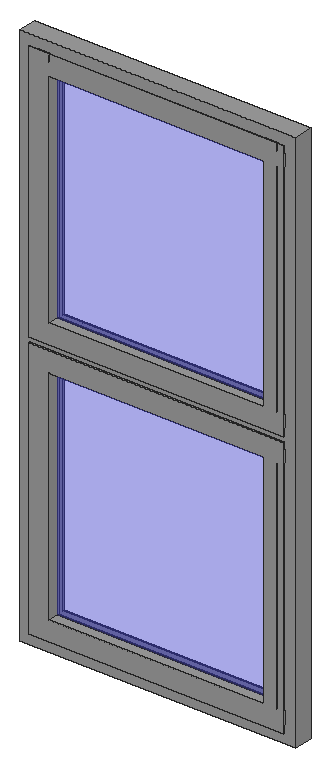
Revit family "12PL IP006_v02", category Windows, host Wall, Revit 2015
Parameters
  Wall Thickness [instance] = 0' - 6"
  URL = "obe.com"
  Transom Height = 3' - 0"
  Rough Width = Width + 0' 0 1/2"  # 3' - 0 1/2"
  Rough Height = Height + 0' 0 1/2"  # 6' - 0 1/2"
  Offset Limitation [instance] = if((Offset + 0' 2 1/2") > Wall Thickness, (Wall Thickness - 0' 2 1/2"), Offset)  # 0' - 0"
  Offset [instance] = 0' - 0"
  Model = "12PL IP006"
  Manufacturer = "Oldcastle BuildingEnvelope®"
  Keynote = "08 51 00"
  Height = Operable Height + Transom Height  # 6' - 0"
  Operable Height = 3' - 0"
  Glass Material = Glass
  Frame Material = Aluminum
  Description = "SIGNATURE SERIES 12PL"
  Default Sill Height = 3' - 0"
  Wall Closure = By host
  Width = 3' - 0"
  Construction Type = ""
  Assembly Code = "B2020"
Reference planes (in)
  plane 1 "Center (Front/Back)": y = 0
  plane 2: z = 0
  plane 3 "Center (Left/Right)": x = 0
  plane 4 "Left": x = -18.25
  plane 5 "Right": x = 18.25
  plane 6 "Sill": z = 36
  plane 7 "Top": z = 108.5
  plane 8 "Offset": y = 3
  plane 9: x = 18
  plane 10: z = 108.25
  plane 11: x = -18
  plane 12: z = 36.25
  plane 13 "Center": z = 72.25
  plane 14: z = 104.9995
  plane 15: z = 74.688
  plane 16: z = 69.812
  plane 17: z = 39.5005
  plane 18 "INT": y = 1.53125
Forms (in)
  Sweep 1, solid, material "Aluminum" <- "Frame Material"
    path origin (0, 3, 0) x (1, 0, 0) y (0, 0, 1)
      loop
        line (-18, 107.125) -> (-18, 73.6875)
    profile origin (-18, 3, 90.40625) x (0, -1, 0) y (1, 0, 0)
      loop
        line (2.75, 1.125) -> (2.75, 3.751) -> (1.46875, 3.751) -> (1.46875, 3.2505) -> (0.46875, 3.2505) -> (0.46875, 3.7505) -> (0.1875, 3.7505) -> (0.1875, 2.063) -> (2.65625, 2.063) -> (2.65625, 1.125) -> (2.75, 1.125)
  Sweep 2, solid, material "Aluminum" <- "Frame Material"
    path origin (0, 3, 0) x (-1, 0, 0) y (0, 0, 1)
      loop
        line (-18, 107.125) -> (-18, 73.6875)
    profile origin (18, 3, 90.40625) x (0, -1, 0) y (1, 0, 0)
      loop
        line (2.75, -1.125) -> (2.65625, -1.125) -> (2.65625, -2.063) -> (0.1875, -2.063) -> (0.1875, -3.7505) -> (0.46875, -3.7505) -> (0.46875, -3.2505) -> (1.46875, -3.2505) -> (1.46875, -3.751) -> (2.75, -3.751) -> (2.75, -1.125)
  Sweep 3, solid, material "Aluminum" <- "Frame Material"
    path origin (0, 3, 0) x (1, 0, 0) y (0, 0, 1)
      loop
        line (-16.875, 36.25) -> (16.875, 36.25)
    profile origin (0, 3, 36.25) x (0, 0, 1) y (0, -1, 0)
      loop
        line (2.063, 0.1875) -> (3.7505, 0.1875) -> (3.7505, 0.46875) -> (3.2505, 0.46875) -> (3.2505, 1.46875) -> (3.7505, 1.46875) -> (3.7505, 2.75) -> (1.125, 2.75) -> (1.125, 2.65625) -> (2.063, 2.65625) -> (2.063, 0.1875)
  Sweep 4, solid, material "Aluminum" <- "Frame Material"
    path origin (0, 3, 132.5) x (1, 0, 0) y (0, 0, -1)
      loop
        line (-16.875, 24.25) -> (16.875, 24.25)
    profile origin (0, 3, 108.25) x (0, 0, 1) y (0, -1, 0)
      loop
        line (-2.063, 0.1875) -> (-2.063, 2.65625) -> (-1.125, 2.65625) -> (-1.125, 2.75) -> (-3.7505, 2.75) -> (-3.7505, 1.46875) -> (-3.2505, 1.46875) -> (-3.2505, 0.46875) -> (-3.7505, 0.46875) -> (-3.7505, 0.1875) -> (-2.063, 0.1875)
  Extrusion 5, solid, material "Glass" <- "Glass Material", detail levels coarse
    sketch origin (0, 0, 36) x (0, -1, 0) y (1, 0, 0)
      loop
        line (-2.53125, -14.7495) -> (-1.53125, -14.7495) -> (-1.53125, 14.7495) -> (-2.53125, 14.7495) -> (-2.53125, -14.7495)
    from 3.5005 to 33.812
  Extrusion 6, solid, material "Glass" <- "Glass Material", detail levels coarse
    sketch origin (0, 0, 75) x (0, -1, 0) y (1, 0, 0)
      loop
        line (-2.53125, -14.7495) -> (-1.53125, -14.7495) -> (-1.53125, 14.7495) -> (-2.53125, 14.7495) -> (-2.53125, -14.7495)
    from -0.312 to 29.9995
  Sweep 7, solid, material "Aluminum" <- "Frame Material"
    path origin (0, 3, 0) x (1, 0, 0) y (0, 0, 1)
      loop
        line (16.875, 72.25) -> (-16.875, 72.25)
    profile origin (0, 3, 72.25) x (0, 0, -1) y (0, -1, 0)
      loop
        line (-2.9385, 2.75) -> (-2.9385, 1.46875) -> (-2.438, 1.46875) -> (-2.438, 0.46875) -> (-2.938, 0.46875) -> (-2.938, 0.1875) -> (-1.2505, 0.1875) -> (-1.2505, 2.65625) -> (-0.3125, 2.65625) -> (-0.3125, 2.75) -> (-2.9385, 2.75)
  Extrusion 8, solid, material "Glass" <- "Glass Material", detail levels medium+fine
    sketch origin (0, 0, 36) x (0, -1, 0) y (1, 0, 0)
      loop
        line (-2.53125, -14.7495) -> (-2.29395, -14.7495) -> (-2.29395, 14.7495) -> (-2.53125, 14.7495) -> (-2.53125, -14.7495)
      loop
        line (-1.78125, 14.7495) -> (-1.78125, -14.7495) -> (-1.53125, -14.7495) -> (-1.53125, 14.7495) -> (-1.78125, 14.7495)
    from 3.5005 to 33.812
  Extrusion 9, solid, material "Glass" <- "Glass Material", detail levels medium+fine
    sketch origin (0, 0, 36) x (0, -1, 0) y (1, 0, 0)
      loop
        line (-2.53125, -14.7495) -> (-2.29395, -14.7495) -> (-2.29395, 14.7495) -> (-2.53125, 14.7495) -> (-2.53125, -14.7495)
      loop
        line (-1.78125, 14.7495) -> (-1.78125, -14.7495) -> (-1.53125, -14.7495) -> (-1.53125, 14.7495) -> (-1.78125, 14.7495)
    from 38.688 to 68.9995
  Sweep 10, solid, material "Aluminum" <- "Frame Material"
    path origin (0, 3, 0) x (1, 0, 0) y (0, 0, 1)
      loop
        line (18.25, 108.5) -> (-18.25, 108.5)
    profile origin (0, 3, 108.5) x (0, 0, -1) y (0, -1, 0)
      loop
        line (0, 2.5) -> (0, 0) -> (2.5, 0) -> (2.5, 0.09375) -> (1.625, 0.09375) -> (1.625, 2.5) -> (0, 2.5)
  Sweep 11, solid, material "Aluminum" <- "Frame Material"
    path origin (0, 3, 0) x (1, 0, 0) y (0, 0, 1)
      loop
        line (18.25, 72.25) -> (-18.25, 72.25)
    profile origin (0, 3, 72.25) x (0, 0, -1) y (0, -1, 0)
      loop
        line (-1.4375, 0.09375) -> (-1.4375, 0) -> (1.4375, 0) -> (1.4375, 0.09375) -> (0.5625, 0.09375) -> (0.5625, 2.5) -> (-0.5625, 2.5) -> (-0.5625, 0.09375) -> (-1.4375, 0.09375)
  Sweep 12, solid, material "Aluminum" <- "Frame Material"
    path origin (0, 3, 0) x (1, 0, 0) y (0, 0, 1)
      loop
        line (16.875, 72.25) -> (-16.875, 72.25)
    profile origin (0, 3, 72.25) x (0, 0, -1) y (0, -1, 0)
      loop
        line (1.2505, 0.1875) -> (2.938, 0.1875) -> (2.938, 0.46875) -> (2.438, 0.46875) -> (2.438, 1.46875) -> (2.9385, 1.46875) -> (2.9385, 2.75) -> (0.3125, 2.75) -> (0.3125, 2.65625) -> (1.2505, 2.65625) -> (1.2505, 0.1875)
  Sweep 13, solid, material "Aluminum" <- "Frame Material"
    path origin (0, 3, 0) x (1, 0, 0) y (0, 0, 1)
      loop
        line (-18.25, 36.25) -> (18.25, 36.25)
    profile origin (0, 3, 36.25) x (0, 0, 1) y (0, -1, 0)
      loop
        line (1.375, 2.5) -> (-0.25, 2.5) -> (-0.25, 0) -> (2.25, 0) -> (2.25, 0.09375) -> (1.375, 0.09375) -> (1.375, 2.5)
  Sweep 14, solid, material "Aluminum" <- "Frame Material"
    path origin (0, 3, 0) x (1, 0, 0) y (0, 0, 1)
      loop
        line (-18, 36) -> (-18, 108.5)
    profile origin (-18, 3, 72.25) x (-1, 0, 0) y (0, -1, 0)
      loop
        line (0.25, 2.5) -> (-1.375, 2.5) -> (-1.375, 0.09375) -> (-2.25, 0.09375) -> (-2.25, 0) -> (0.25, 0) -> (0.25, 2.5)
  Sweep 15, solid, material "Aluminum" <- "Frame Material"
    path origin (0, 3, 0) x (1, 0, 0) y (0, 0, 1)
      loop
        line (18, 36) -> (18, 108.5)
    profile origin (18, 3, 72.25) x (-1, 0, 0) y (0, -1, 0)
      loop
        line (2.25, 0) -> (2.25, 0.09375) -> (1.375, 0.09375) -> (1.375, 2.5) -> (-0.25, 2.5) -> (-0.25, 0) -> (2.25, 0)
  Sweep 16, solid, material "Aluminum" <- "Frame Material"
    path origin (0, 3, 0) x (1, 0, 0) y (0, 0, 1)
      loop
        line (18, 70.8125) -> (18, 38.5)
    profile origin (18, 3, 54.65625) x (0, -1, 0) y (1, 0, 0)
      loop
        line (0.1875, -2.063) -> (0.1875, -3.7505) -> (0.46875, -3.7505) -> (0.46875, -3.2505) -> (1.46875, -3.2505) -> (1.46875, -3.751) -> (2.75, -3.751) -> (2.75, -1.125) -> (2.65625, -1.125) -> (2.65625, -2.063) -> (0.1875, -2.063)
  Sweep 17, solid, material "Aluminum" <- "Frame Material"
    path origin (0, 3, 0) x (1, 0, 0) y (0, 0, 1)
      loop
        line (-18, 70.8125) -> (-18, 38.5)
    profile origin (-18, 3, 54.65625) x (0, -1, 0) y (1, 0, 0)
      loop
        line (0.1875, 2.063) -> (2.65625, 2.063) -> (2.65625, 1.125) -> (2.75, 1.125) -> (2.75, 3.751) -> (1.46875, 3.751) -> (1.46875, 3.2505) -> (0.46875, 3.2505) -> (0.46875, 3.7505) -> (0.1875, 3.7505) -> (0.1875, 2.063)
Cuts and joins
  joined: Sweep 10, Sweep 11, Sweep 13, Sweep 14, Sweep 15
  joined: Sweep 1, Sweep 2, Sweep 3, Sweep 4, Sweep 7, Sweep 12, Sweep 16, Sweep 17
Lines and regions (in)
  Opening 1
    outline origin (-60, -3, 0) x (1, 0, 0) y (0, 0, 1)
      loop
        line (41.75, 108.5) -> (41.75, 36) -> (78.25, 36) -> (78.25, 108.5) -> (41.75, 108.5)
  model lines, style "Opening Direction"
    curve 1: line (14.249, 1.53125, 104.4995) -> (0, 1.53125, 75.188)
    curve 2: line (0, 1.53125, 75.188) -> (-14.249, 1.53125, 104.4995)
    curve 3: line (14.2495, 1.53125, 69.312) -> (0, 1.53125, 40.0005)
    curve 4: line (0, 1.53125, 40.0005) -> (-14.249, 1.53125, 69.3125)
Text (in)
  text "EXTERIOR" at (-58.6888, 50.90694, 0), in view "Ref. Level"
  text "INTERIOR" at (-58.6888, -37.76638, 0), in view "Ref. Level"
  text "Exterior" at (0, 43.65631, 123.19604), in view "Left"
  text "Exterior" at (0, 18.29385, 125.04747), in view "Right"
  text "Min Operable Size\n\n14\" width x 18\" height\n\n\n\nMax Operable Size\n\n72\" x 48\"\n\n\n\nMax Operable Area\n\n20 square feet" at (92.63041, 50.90694, 0), in view "Ref. Level"
Dimensions and locks (in)
  equal spacing: plane 4 "Left", plane 3 "Center (Left/Right)", plane 5 "Right"
  "Rough Width": plane 4 "Left" to plane 5 "Right"
  "Default Sill Height": plane 2 to plane 6 "Sill"
  "Offset Limitation": plane 8 "Offset" to host wall
  "Wall Thickness": host wall to host wall
  locked: plane 9 to plane 5 "Right" at 0.25
  locked: plane 6 "Sill" to plane 12 at 0.25
  "Operable Height": plane 12 to plane 13 "Center"
  "Transom Height": plane 13 "Center" to plane 10
  "Rough Height": plane 6 "Sill" to plane 7 "Top"
  "Width": plane 11 to plane 9
  plane 8 "Offset" to Extrusion 5 sketch curve to Extrusion 5 sketch curve = 0' - 0 15/32" locked, 0' - 1" locked
  plane 8 "Offset" to Extrusion 6 sketch curve to Extrusion 6 sketch curve = 0' - 0 15/32" locked, 0' - 1" locked
  locked: plane 14 to plane 10 at 3.2505
  plane 16 to plane 13 "Center" to plane 15 = 0' - 2.438" locked, 0' - 2.438" locked
  locked: plane 12 to plane 17 at 3.2505
  Extrusion 8 sketch curve to Extrusion 8 sketch curve to Extrusion 8 sketch curve to Extrusion 8 sketch curve to plane 8 "Offset" = 0' - 0 1/4" locked, 0' - 0.5127" locked, 0' - 0.2373" locked, 0' - 0 15/32" locked
  Extrusion 9 sketch curve to Extrusion 9 sketch curve to Extrusion 9 sketch curve to Extrusion 9 sketch curve to plane 8 "Offset" = 0' - 0 1/4" locked, 0' - 0.5127" locked, 0' - 0.2373" locked, 0' - 0 15/32" locked
  locked: Sweep 12 sketch curve to plane 9 at 1.125
  locked: plane 11 to Sweep 12 sketch curve at 1.125
  locked: Sweep 7 sketch curve to plane 9 at 1.125
  locked: plane 11 to Sweep 7 sketch curve at 1.125
  locked: Sweep 4 sketch curve to plane 9 at 1.125
  locked: plane 4 "Left" to Sweep 4 sketch curve at 1.375
  locked: Sweep 2 sketch curve to plane 10 at 1.125
  locked: Sweep 1 sketch curve to plane 7 "Top" at 1.375
  locked: Sweep 3 sketch curve to plane 9 at 1.125
  locked: plane 11 to Sweep 3 sketch curve at 1.125
  locked: Sweep 16 sketch curve to plane 13 "Center" at 1.4375
  locked: plane 12 to Sweep 16 sketch curve at 2.25
  locked: plane 13 "Center" to Sweep 2 sketch curve at 1.4375
  locked: Sweep 17 sketch curve to plane 13 "Center" at 1.4375
  locked: plane 12 to Sweep 17 sketch curve at 2.25
  locked: plane 18 "INT" to plane 8 "Offset" at 1.46875
  aligned and locked: plane 7 "Top" to Opening 1 sketch curve
  aligned and locked: plane 6 "Sill" to Opening 1 sketch curve  (x2)
  aligned and locked: plane 5 "Right" to Opening 1 sketch curve
  aligned and locked: plane 4 "Left" to Opening 1 sketch curve
  aligned and locked: level to plane 2
  aligned and locked: plane 11 to Sweep 1 sketch curve
  aligned and locked: Sweep 2 sketch curve to plane 9
  aligned and locked: plane 12 to Sweep 3 sketch curve
  aligned and locked: Sweep 4 sketch curve to plane 10
  aligned and locked: Extrusion 6 to plane 14
  aligned and locked: plane 15 to Extrusion 6
  aligned and locked: Extrusion 5 to plane 16
  aligned and locked: plane 17 to Extrusion 5
  aligned and locked: plane 17 to Extrusion 8
  aligned and locked: Extrusion 8 to plane 16
  aligned and locked: plane 15 to Extrusion 9
  aligned and locked: Extrusion 9 to plane 14
  aligned and locked: plane 7 "Top" to Sweep 10 sketch curve
  aligned and locked: plane 4 "Left" to Sweep 10 sketch curve
  aligned and locked: plane 5 "Right" to Sweep 10 sketch curve
  aligned and locked: plane 13 "Center" to Sweep 11 sketch curve
  aligned and locked: plane 4 "Left" to Sweep 11 sketch curve
  aligned and locked: plane 5 "Right" to Sweep 11 sketch curve
  aligned and locked: plane 13 "Center" to Sweep 12 sketch curve
  aligned and locked: Sweep 13 sketch curve to plane 12
  aligned and locked: plane 5 "Right" to Sweep 13 sketch curve
  aligned and locked: plane 4 "Left" to Sweep 13 sketch curve
  aligned and locked: plane 11 to Sweep 14 sketch curve
  aligned and locked: plane 7 "Top" to Sweep 14 sketch curve
  aligned and locked: plane 6 "Sill" to Sweep 14 sketch curve
  aligned and locked: plane 9 to Sweep 15 sketch curve
  aligned and locked: plane 7 "Top" to Sweep 15 sketch curve
  aligned and locked: plane 6 "Sill" to Sweep 15 sketch curve
  aligned and locked: plane 13 "Center" to Sweep 7 sketch curve
  aligned and locked: Sweep 16 sketch curve to plane 9
  aligned and locked: Sweep 17 sketch curve to plane 11
  aligned and locked: plane 3 "Center (Left/Right)" to curve 4
Automatic sketch dimensions
  plane 8 "Offset" to Sweep 1 sketch curve = 0' - 0 3/16"
  Sweep 1 sketch curve to Sweep 1 sketch curve = 0' - 0 9/32"
  Sweep 1 sketch curve to Sweep 1 sketch curve = 0' - 1"
  Sweep 1 sketch curve to profile plane = 0' - 1 1/8"
  Sweep 1 sketch curve to Sweep 1 sketch curve = 0' - 1 3/16"
  Sweep 1 sketch curve to Sweep 1 sketch curve = 0' - 0 1/2"
  Sweep 1 sketch curve to Sweep 1 sketch curve = 0' - 0.5005"
  plane 8 "Offset" to Sweep 2 sketch curve = 0' - 0 3/16"
  Sweep 2 sketch curve to Sweep 2 sketch curve = 0' - 0 9/32"
  Sweep 2 sketch curve to Sweep 2 sketch curve = 0' - 1"
  Sweep 2 sketch curve to Sweep 2 sketch curve = 0' - 1 3/16"
  Sweep 2 sketch curve to Sweep 2 sketch curve = 0' - 0 1/2"
  Sweep 2 sketch curve to Sweep 2 sketch curve = 0' - 0.5005"
  Sweep 3 sketch curve to profile plane = 0' - 1 1/8"
  Sweep 3 sketch curve to Sweep 3 sketch curve = 0' - 0 1/2"  (x2)
  plane 8 "Offset" to Sweep 3 sketch curve = 0' - 0 15/32"
  Sweep 3 sketch curve to Sweep 3 sketch curve = 0' - 1"
  plane 8 "Offset" to Sweep 4 sketch curve = 0' - 0 15/32"
  Sweep 4 sketch curve to Sweep 4 sketch curve = 0' - 0"
  Sweep 4 sketch curve to Sweep 4 sketch curve = 0' - 0 1/2"
  profile plane to Sweep 4 sketch curve = 0' - 1 1/8"
  Sweep 4 sketch curve to Sweep 4 sketch curve = 0' - 1"
  Sweep 4 sketch curve to Sweep 4 sketch curve = 0' - 0 3/32"
  Extrusion 5 sketch curve to plane 11 = 0' - 3.2505"
  plane 9 to Extrusion 5 sketch curve = 0' - 3.2505"
  Extrusion 6 sketch curve to plane 11 = 0' - 3.2505"
  plane 9 to Extrusion 6 sketch curve = 0' - 3.2505"
  Sweep 7 sketch curve to Sweep 7 sketch curve = 0' - 0.5005"
  plane 8 "Offset" to Sweep 7 sketch curve = 0' - 0 15/32"
  plane 8 "Offset" to Sweep 7 sketch curve = 0' - 0 3/16"
  Sweep 7 sketch curve to Sweep 7 sketch curve = 0' - 0 1/2"
  Sweep 7 sketch curve to Sweep 7 sketch curve = 0' - 1 3/16"
  Extrusion 8 sketch curve to plane 11 = 0' - 3.2505"
  Extrusion 8 sketch curve to Extrusion 8 sketch curve = 0' - 0"  (x2)
  plane 9 to Extrusion 8 sketch curve = 0' - 3.2505"
  Extrusion 9 sketch curve to plane 11 = 0' - 3.2505"
  Extrusion 9 sketch curve to Extrusion 9 sketch curve = 0' - 0"  (x2)
  plane 9 to Extrusion 9 sketch curve = 0' - 3.2505"
  Sweep 1 sketch curve to Sweep 1 sketch curve = 0' - 1 9/32"
  Sweep 1 sketch curve to Sweep 1 sketch curve = 0' - 0 3/32"
  Sweep 1 sketch curve to Sweep 1 sketch curve = 0' - 0.938"
  Sweep 2 sketch curve to Sweep 2 sketch curve = 0' - 1 9/32"
  profile plane to Sweep 2 sketch curve = 0' - 1 1/8"
  Sweep 2 sketch curve to Sweep 2 sketch curve = 0' - 0 3/32"
  Sweep 2 sketch curve to Sweep 2 sketch curve = 0' - 0.938"
  Sweep 4 sketch curve to Sweep 4 sketch curve = 0' - 1 9/32"
  plane 8 "Offset" to Sweep 4 sketch curve = 0' - 0 3/16"
  Sweep 4 sketch curve to Sweep 4 sketch curve = 0' - 1 3/16"
  Sweep 4 sketch curve to Sweep 4 sketch curve = 0' - 0.938"
  profile plane to Sweep 7 sketch curve = 0' - 2.9385"
  profile plane to Sweep 7 sketch curve = 0' - 0 5/16"
  Sweep 7 sketch curve to Sweep 7 sketch curve = 0' - 1 9/32"
  Sweep 7 sketch curve to Sweep 7 sketch curve = 0' - 2 15/32"
  Sweep 7 sketch curve to Sweep 7 sketch curve = 0' - 0 3/32"
  Sweep 3 sketch curve to Sweep 3 sketch curve = 0' - 1 9/32"
  plane 8 "Offset" to Sweep 3 sketch curve = 0' - 0 3/16"
  Sweep 3 sketch curve to Sweep 3 sketch curve = 0' - 1 3/16"
  Sweep 3 sketch curve to Sweep 3 sketch curve = 0' - 0.938"
  Sweep 3 sketch curve to Sweep 3 sketch curve = 0' - 0 3/32"
  Sweep 10 sketch curve to Sweep 10 sketch curve = 0' - 0 3/32"
  Sweep 10 sketch curve to profile plane = 0' - 0"
  Sweep 10 sketch curve to Sweep 10 sketch curve = 0' - 1 5/8"
  Sweep 10 sketch curve to Sweep 10 sketch curve = 0' - 0 7/8"
  Sweep 10 sketch curve to Sweep 10 sketch curve = 0' - 2 13/32"
  Sweep 10 sketch curve to plane 8 "Offset" = 0' - 0"
  plane 8 "Offset" to Sweep 11 sketch curve = 0' - 0 3/32"
  profile plane to Sweep 11 sketch curve = 0' - 0 9/16"
  Sweep 11 sketch curve to Sweep 11 sketch curve = 0' - 0 7/8"  (x2)
  Sweep 11 sketch curve to profile plane = 0' - 0 9/16"
  Sweep 11 sketch curve to Sweep 11 sketch curve = 0' - 0 3/32"
  Sweep 11 sketch curve to Sweep 11 sketch curve = 0' - 2 13/32"
  Sweep 11 sketch curve to plane 8 "Offset" = 0' - 0"
  plane 8 "Offset" to Sweep 12 sketch curve = 0' - 0 3/16"
  Sweep 12 sketch curve to profile plane = 0' - 2.938"
  Sweep 12 sketch curve to profile plane = 0' - 1.2505"
  Sweep 12 sketch curve to Sweep 12 sketch curve = 0' - 0 9/32"
  Sweep 12 sketch curve to Sweep 12 sketch curve = 0' - 0 1/2"
  Sweep 12 sketch curve to Sweep 12 sketch curve = 0' - 1"
  Sweep 12 sketch curve to Sweep 12 sketch curve = 0' - 0.0005"
  Sweep 12 sketch curve to profile plane = 0' - 0 5/16"
  Sweep 12 sketch curve to Sweep 12 sketch curve = 0' - 0 3/32"
  Sweep 12 sketch curve to Sweep 12 sketch curve = 0' - 1 3/16"
  profile plane to Sweep 13 sketch curve = 0' - 0 1/4"
  Sweep 13 sketch curve to profile plane = 0' - 1 3/8"
  Sweep 13 sketch curve to Sweep 13 sketch curve = 0' - 0 7/8"
  plane 8 "Offset" to Sweep 13 sketch curve = 0' - 2 1/2"
  Sweep 13 sketch curve to Sweep 13 sketch curve = 0' - 0 3/32"
  Sweep 13 sketch curve to plane 8 "Offset" = 0' - 0"
  plane 8 "Offset" to Sweep 14 sketch curve = 0' - 0"
  Sweep 14 sketch curve to profile plane = 0' - 0 1/4"
  Sweep 14 sketch curve to Sweep 14 sketch curve = 0' - 0 7/8"
  profile plane to Sweep 14 sketch curve = 0' - 2 1/4"
  plane 8 "Offset" to Sweep 14 sketch curve = 0' - 0 3/32"
  Sweep 14 sketch curve to Sweep 14 sketch curve = 0' - 2 13/32"
  plane 8 "Offset" to Sweep 15 sketch curve = 0' - 0"
  profile plane to Sweep 15 sketch curve = 0' - 0 1/4"
  Sweep 15 sketch curve to profile plane = 0' - 1 3/8"
  plane 8 "Offset" to Sweep 15 sketch curve = 0' - 0 3/32"
  Sweep 15 sketch curve to Sweep 15 sketch curve = 0' - 2 13/32"
  Sweep 15 sketch curve to Sweep 15 sketch curve = 0' - 0 7/8"
  Sweep 1 sketch curve to plane 13 "Center" = 0' - 1 7/16"
  plane 8 "Offset" to Sweep 16 sketch curve = 0' - 0 3/16"
  Sweep 16 sketch curve to Sweep 16 sketch curve = 0' - 0 9/32"
  Sweep 16 sketch curve to Sweep 16 sketch curve = 0' - 1 11/16"
  Sweep 16 sketch curve to Sweep 16 sketch curve = 0' - 0 1/2"
  Sweep 16 sketch curve to Sweep 16 sketch curve = 0' - 1"
  Sweep 16 sketch curve to Sweep 16 sketch curve = 0' - 0.5005"
  Sweep 16 sketch curve to Sweep 16 sketch curve = 0' - 1 9/32"
  profile plane to Sweep 16 sketch curve = 0' - 1 1/8"
  Sweep 16 sketch curve to Sweep 16 sketch curve = 0' - 0.938"
  Sweep 16 sketch curve to Sweep 16 sketch curve = 0' - 0 3/32"
  plane 8 "Offset" to Sweep 17 sketch curve = 0' - 0 3/16"
  Sweep 17 sketch curve to Sweep 17 sketch curve = 0' - 0 9/32"
  Sweep 17 sketch curve to Sweep 17 sketch curve = 0' - 1 11/16"
  Sweep 17 sketch curve to Sweep 17 sketch curve = 0' - 0 1/2"
  Sweep 17 sketch curve to Sweep 17 sketch curve = 0' - 1"
  Sweep 17 sketch curve to Sweep 17 sketch curve = 0' - 0.5005"
  Sweep 17 sketch curve to Sweep 17 sketch curve = 0' - 1 9/32"
  Sweep 17 sketch curve to profile plane = 0' - 1 1/8"
  Sweep 17 sketch curve to Sweep 17 sketch curve = 0' - 0 3/32"
  Sweep 17 sketch curve to Sweep 17 sketch curve = 0' - 0.938"
  curve 1 to plane 3 "Center (Left/Right)" = 0' - 0"
  curve 3 to plane 17 = 0' - 0 1/2"
  plane 16 to curve 4 = 0' - 0.4995"
  curve 4 to plane 11 = 0' - 3.751"
  plane 14 to curve 2 = 0' - 0 1/2"
  curve 2 to plane 11 = 0' - 3.751"
  plane 14 to curve 1 = 0' - 0 1/2"
  plane 9 to curve 1 = 0' - 3.751"
  plane 16 to curve 3 = 0' - 0 1/2"
  plane 9 to curve 3 = 0' - 3.7505"
  curve 2 to plane 15 = 0' - 0 1/2"
